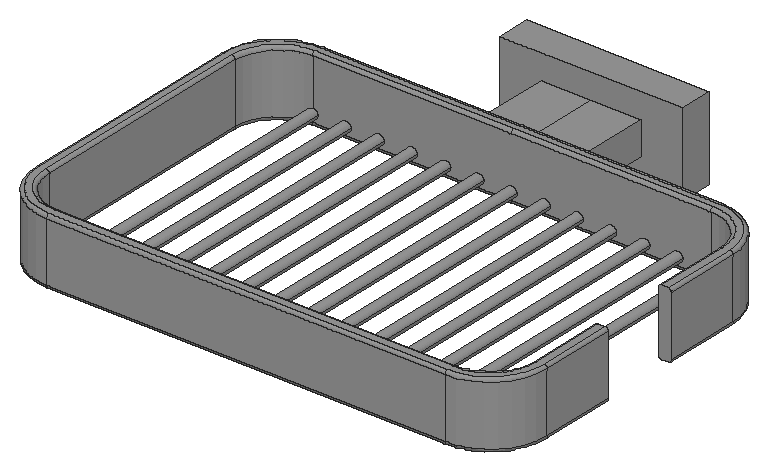
Revit family "JAB ATLAS CR", category Plumbing Fixtures, Revit 2019
Family settings
  Round Connector Dimension = Use Diameter
  Part Type = Normal
  OmniClass Number = 23.45.00.00
  OmniClass Title = Sanitary, Laundry, and Cleaning Equipment
  Work Plane-Based = No
  Always vertical = Yes
  Cut with Voids When Loaded = No
  Shared = No
  Room Calculation Point = No
Reference planes
  plane 1 "Center (Front/Back)": y = 0
  plane 2: z = 0
  plane 3 "Center (Left/Right)": x = 0
Forms (mm)
  Extrusion 1, solid
    sketch origin (0, 0, 0) x (1, 0, 0) y (0, 0, 1)
      loop
        line (0, 0) -> (55, 0) -> (55, 25) -> (0, 25) -> (0, 0)
    from 0 to 10
  Extrusion 2, solid
    sketch origin (0, 0, 0) x (1, 0, 0) y (0, 0, 1)
      loop
        line (27.5, 17.5) -> (12.5, 17.5) -> (12.5, 7.5) -> (42.5, 7.5) -> (42.5, 17.5) -> (27.5, 17.5)
    from 10 to 38
  Sweep 3, solid
    path origin (0, 0, 0) x (1, 0, 0) y (0, 1, 0)
      loop
        line (102.5, -100) -> (102.5, -123)
        arc (102.5, -123) -> (98.107, -133.607) -> (87.5, -138) r 15
        line (87.5, -138) -> (-32.5, -138)
        arc (-32.5, -138) -> (-43.107, -133.607) -> (-47.5, -123) r 15
        line (-47.5, -123) -> (-47.5, -53)
        arc (-47.5, -53) -> (-43.107, -42.393) -> (-32.5, -38) r 15
        line (-32.5, -38) -> (27.5, -38) -> (87.5, -38)
        arc (87.5, -38) -> (98.107, -42.393) -> (102.5, -53) r 15
        line (102.5, -53) -> (102.5, -76)
    profile origin (102.5, -76, 0) x (1, 0, 0) y (0, 0, 1)
      loop
        line (0, 22.5) -> (-1, 22.5)
        arc (-1, 22.5) -> (-1.707, 22.207) -> (-2, 21.5) r 1
        line (-2, 21.5) -> (-2, 3.544)
        arc (-2, 3.544) -> (-1.694, 2.806) -> (-0.956, 2.5) r 1.044
        line (-0.956, 2.5) -> (1.036, 2.5)
        arc (1.036, 2.5) -> (1.718, 2.782) -> (2, 3.464) r 0.964
        line (2, 3.464) -> (2, 21.55)
        arc (2, 21.55) -> (1.722, 22.222) -> (1.05, 22.5) r 0.95
        line (1.05, 22.5) -> (0, 22.5)
  Extrusion 4, solid
    sketch origin (0, 0, 0) x (1, 0, 0) y (0, 0, 1)
      loop
        circle (-32.5, 5.928) r 1.5
      loop
        circle (-22.5, 5.928) r 1.5
      loop
        circle (-12.5, 5.928) r 1.5
      loop
        circle (-2.5, 5.928) r 1.5
      loop
        circle (7.5, 5.928) r 1.5
      loop
        circle (17.5, 5.928) r 1.5
      loop
        circle (27.5, 5.928) r 1.5
      loop
        circle (37.5, 5.928) r 1.5
      loop
        circle (47.5, 5.928) r 1.5
      loop
        circle (57.5, 5.928) r 1.5
      loop
        circle (67.5, 5.928) r 1.5
      loop
        circle (77.5, 5.928) r 1.5
      loop
        circle (87.5, 5.928) r 1.5
    from 40.005 to 136.006
Dimensions and locks
  aligned and locked: level to plane 2
